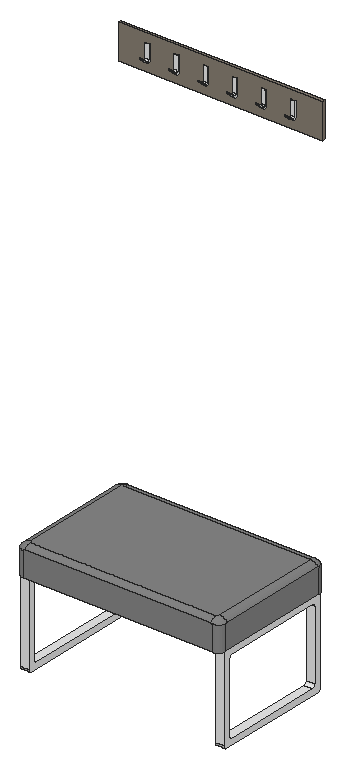
Revit family "Пуф и вешалки сверху", category Мебель, Revit 2019
Family settings
  Номер OmniClass = 23.40.20.00
  Заголовок OmniClass = General Furniture and Specialties
  На основе рабочей плоскости = Нет
  Всегда вертикально = Да
  При загрузке вырезать с полостями = Нет
  Общий = Нет
  Точка расчета площади = Нет
Parameters
  Материал ножки пуфа и крючки(на вешалке сверху) = Материал ножки пуфа и крючки(на вешалке сверху)
  Материал вешалки [instance] = Материал вешалки
  Ширина [instance] = 700 mm
  Материал пуф = Материал пуф
  Количество крючков на вешалке [instance] = (Ширина - 100 mm) / 100 mm  # 6
  Изготовитель = "Литвинчук Артур"
  Глубина [instance] = 450 mm
  Вешалка [instance] = yes
  Высота пуфа [instance] = 400 mm
  Высота до центра вешалки [instance] = 1750 mm
  URL = "lytvynchukartur@gmail.com"
Reference planes
  plane 1 "По центру (Вперед/Назад)": y = 0
  plane 2: z = 0
  plane 3 "По центру (Влево/Вправо)": x = 0
  plane 4: x = 700
  plane 5: y = -450
  plane 6 "По центру Л/Р": x = 30
  plane 7: x = 670
  plane 8 "верх пуфа": z = 400
  plane 9: z = 300
  plane 10: z = 20
  plane 11: y = -430
  plane 12 "По центру Л/С": y = -20
  plane 13: z = 280
  plane 14 "По центру Л/Т": y = -40
  plane 15: y = -410
  plane 16: z = 1750
  plane 17: z = 1690
  plane 18: z = 1810
  plane 19 "По центру Л/У": y = -10
Forms (mm)
  Extrusion 1, solid, material "Материал пуф" <- "Материал пуф"
    sketch origin (0, 0, 0) x (1, 0, 0) y (0, 1, 0)
      loop
        arc (25, 0) -> (7.322, -7.322) -> (0, -25) r 25
        line (0, -25) -> (0, -425)
        arc (0, -425) -> (7.322, -442.678) -> (25, -450) r 25
        line (25, -450) -> (675, -450)
        arc (675, -450) -> (692.678, -442.678) -> (700, -425) r 25
        line (700, -425) -> (700, -25)
        arc (700, -25) -> (692.678, -7.322) -> (675, 0) r 25
        line (675, 0) -> (25, 0)
    from 300 to 400
  Extrusion 2, solid, material "Материал ножки пуфа и крючки(на вешалке сверху)" <- "Материал ножки пуфа и крючки(на вешалке сверху)"
    sketch origin (0, 0, 0) x (0, 1, 0) y (0, 0, 1)
      loop
        line (-430, 300) -> (-430, 10)
        arc (-430, 10) -> (-427.071, 2.929) -> (-420, 0) r 10
        line (-420, 0) -> (-30, 0)
        arc (-30, 0) -> (-22.929, 2.929) -> (-20, 10) r 10
        line (-20, 10) -> (-20, 300) -> (-430, 300)
      loop
        arc (-400, 280) -> (-407.071, 277.071) -> (-410, 270) r 10
        line (-410, 270) -> (-410, 30)
        arc (-410, 30) -> (-407.071, 22.929) -> (-400, 20) r 10
        line (-400, 20) -> (-50, 20)
        arc (-50, 20) -> (-42.929, 22.929) -> (-40, 30) r 10
        line (-40, 30) -> (-40, 270)
        arc (-40, 270) -> (-42.929, 277.071) -> (-50, 280) r 10
        line (-50, 280) -> (-400, 280)
    from 0 to 30
  Extrusion 3, solid, material "Материал ножки пуфа и крючки(на вешалке сверху)" <- "Материал ножки пуфа и крючки(на вешалке сверху)"
    sketch origin (0, 0, 0) x (0, 1, 0) y (0, 0, 1)
      loop
        line (-430, 300) -> (-430, 10)
        arc (-430, 10) -> (-427.071, 2.929) -> (-420, 0) r 10
        line (-420, 0) -> (-30, 0)
        arc (-30, 0) -> (-22.929, 2.929) -> (-20, 10) r 10
        line (-20, 10) -> (-20, 300) -> (-430, 300)
      loop
        arc (-400, 280) -> (-407.071, 277.071) -> (-410, 270) r 10
        line (-410, 270) -> (-410, 30)
        arc (-410, 30) -> (-407.071, 22.929) -> (-400, 20) r 10
        line (-400, 20) -> (-50, 20)
        arc (-50, 20) -> (-42.929, 22.929) -> (-40, 30) r 10
        line (-40, 30) -> (-40, 270)
        arc (-40, 270) -> (-42.929, 277.071) -> (-50, 280) r 10
        line (-50, 280) -> (-400, 280)
    from 670 to 700
  Extrusion 4, solid, material "Материал вешалки" <- "Материал вешалки", visible <- "Вешалка"
    sketch origin (0, 0, 0) x (1, 0, 0) y (0, 0, 1)
      loop
        line (0, 1810) -> (0, 1690) -> (700, 1690) -> (700, 1810) -> (0, 1810)
    from 0 to 10
  Sweep 5, solid, material "Материал ножки пуфа и крючки(на вешалке сверху)" <- "Материал ножки пуфа и крючки(на вешалке сверху)", visible <- "Вешалка"
    path in 3D
      loop
        line (92.633, -34.905, 1742.905) -> (92.633, -17.812, 1725.812)
        arc (92.633, -17.812, 1725.812) -> (92.633, -13.676, 1726.198) -> (92.633, -12, 1730) r 4.1
        line (92.633, -12, 1730) -> (92.633, -12, 1740) -> (92.633, -12, 1780)
    profile origin (92.633, -12, 1760) x (0, 1, 0) y (-1, 0, 0)
      loop
        line (2, 0) -> (0, 0) -> (0, -14.735) -> (2, -14.735) -> (2, 0)
  Sweep 6, solid, material "Материал ножки пуфа и крючки(на вешалке сверху)" <- "Материал ножки пуфа и крючки(на вешалке сверху)", visible <- "Вешалка"
    path in 3D
      loop
        line (192.633, -34.905, 1742.905) -> (192.633, -17.812, 1725.812)
        arc (192.633, -17.812, 1725.812) -> (192.633, -13.676, 1726.198) -> (192.633, -12, 1730) r 4.1
        line (192.633, -12, 1730) -> (192.633, -12, 1740) -> (192.633, -12, 1780)
    profile origin (192.633, -12, 1760) x (0, 1, 0) y (-1, 0, 0)
      loop
        line (2, 0) -> (0, 0) -> (0, -14.735) -> (2, -14.735) -> (2, 0)
  Sweep 7, solid, material "Материал ножки пуфа и крючки(на вешалке сверху)" <- "Материал ножки пуфа и крючки(на вешалке сверху)", visible <- "Вешалка"
    path in 3D
      loop
        line (292.633, -34.905, 1742.905) -> (292.633, -17.812, 1725.812)
        arc (292.633, -17.812, 1725.812) -> (292.633, -13.676, 1726.198) -> (292.633, -12, 1730) r 4.1
        line (292.633, -12, 1730) -> (292.633, -12, 1740) -> (292.633, -12, 1780)
    profile origin (292.633, -12, 1760) x (0, 1, 0) y (-1, 0, 0)
      loop
        line (2, 0) -> (0, 0) -> (0, -14.735) -> (2, -14.735) -> (2, 0)
  Sweep 8, solid, material "Материал ножки пуфа и крючки(на вешалке сверху)" <- "Материал ножки пуфа и крючки(на вешалке сверху)", visible <- "Вешалка"
    path in 3D
      loop
        line (392.633, -34.905, 1742.905) -> (392.633, -17.812, 1725.812)
        arc (392.633, -17.812, 1725.812) -> (392.633, -13.676, 1726.198) -> (392.633, -12, 1730) r 4.1
        line (392.633, -12, 1730) -> (392.633, -12, 1740) -> (392.633, -12, 1780)
    profile origin (392.633, -12, 1760) x (0, 1, 0) y (-1, 0, 0)
      loop
        line (2, 0) -> (0, 0) -> (0, -14.735) -> (2, -14.735) -> (2, 0)
  Sweep 9, solid, material "Материал ножки пуфа и крючки(на вешалке сверху)" <- "Материал ножки пуфа и крючки(на вешалке сверху)", visible <- "Вешалка"
    path in 3D
      loop
        line (492.633, -34.905, 1742.905) -> (492.633, -17.812, 1725.812)
        arc (492.633, -17.812, 1725.812) -> (492.633, -13.676, 1726.198) -> (492.633, -12, 1730) r 4.1
        line (492.633, -12, 1730) -> (492.633, -12, 1740) -> (492.633, -12, 1780)
    profile origin (492.633, -12, 1760) x (0, 1, 0) y (-1, 0, 0)
      loop
        line (2, 0) -> (0, 0) -> (0, -14.735) -> (2, -14.735) -> (2, 0)
  Sweep 10, solid, material "Материал ножки пуфа и крючки(на вешалке сверху)" <- "Материал ножки пуфа и крючки(на вешалке сверху)", visible <- "Вешалка"
    path in 3D
      loop
        line (592.633, -34.905, 1742.905) -> (592.633, -17.812, 1725.812)
        arc (592.633, -17.812, 1725.812) -> (592.633, -13.676, 1726.198) -> (592.633, -12, 1730) r 4.1
        line (592.633, -12, 1730) -> (592.633, -12, 1740) -> (592.633, -12, 1780)
    profile origin (592.633, -12, 1760) x (0, 1, 0) y (-1, 0, 0)
      loop
        line (2, 0) -> (0, 0) -> (0, -14.735) -> (2, -14.735) -> (2, 0)
  Sweep 11, void
    path origin (25, -527.6, 400) x (0, -1, 0) y (1, 0, 0)
      loop
        arc (-107.565, 0) -> (-104.029, 1.464) -> (-102.565, 5) r 5
        line (-102.565, 5) -> (-102.565, 645)
        arc (-102.565, 645) -> (-104.029, 648.536) -> (-107.565, 650) r 5
        line (-107.565, 650) -> (-497.565, 650)
        arc (-497.565, 650) -> (-501.1, 648.536) -> (-502.565, 645) r 5
        line (-502.565, 645) -> (-502.565, 5)
        arc (-502.565, 5) -> (-501.1, 1.464) -> (-497.565, 0) r 5
        line (-497.565, 0) -> (-107.565, 0)
    profile origin (25, -225.035, 400) x (-1, 0, 0) y (0, 0, 1)
      loop
        line (30, 0) -> (0, 0)
        arc (0, 0) -> (21.213, -8.787) -> (30, -30) r 30
        line (30, -30) -> (30, 0)
Cuts and joins
  Sweep 11 cuts Extrusion 1
Lines and regions (mm)
  sketch lines
    curve 1: line (92.633, -12, 1740) -> (92.633, -12, 1780)
    curve 2: line (92.633, -12, 1730) -> (92.633, -12, 1740)
    curve 3: arc (92.633, -12, 1730) -> (92.633, -13.676, 1726.198) -> (92.633, -17.812, 1725.812) r 4.1
    curve 4: line (92.633, -34.905, 1742.905) -> (92.633, -17.812, 1725.812)
    curve 5: line (192.633, -12, 1740) -> (192.633, -12, 1780)
    curve 6: line (192.633, -12, 1730) -> (192.633, -12, 1740)
    curve 7: arc (192.633, -12, 1730) -> (192.633, -13.676, 1726.198) -> (192.633, -17.812, 1725.812) r 4.1
    curve 8: line (192.633, -34.905, 1742.905) -> (192.633, -17.812, 1725.812)
    curve 9: line (292.633, -12, 1740) -> (292.633, -12, 1780)
    curve 10: line (292.633, -12, 1730) -> (292.633, -12, 1740)
    curve 11: arc (292.633, -12, 1730) -> (292.633, -13.676, 1726.198) -> (292.633, -17.812, 1725.812) r 4.1
    curve 12: line (292.633, -34.905, 1742.905) -> (292.633, -17.812, 1725.812)
    curve 13: line (392.633, -12, 1740) -> (392.633, -12, 1780)
    curve 14: line (392.633, -12, 1730) -> (392.633, -12, 1740)
    curve 15: arc (392.633, -12, 1730) -> (392.633, -13.676, 1726.198) -> (392.633, -17.812, 1725.812) r 4.1
    curve 16: line (392.633, -34.905, 1742.905) -> (392.633, -17.812, 1725.812)
    curve 17: line (492.633, -12, 1740) -> (492.633, -12, 1780)
    curve 18: line (492.633, -12, 1730) -> (492.633, -12, 1740)
    curve 19: arc (492.633, -12, 1730) -> (492.633, -13.676, 1726.198) -> (492.633, -17.812, 1725.812) r 4.1
    curve 20: line (492.633, -34.905, 1742.905) -> (492.633, -17.812, 1725.812)
    curve 21: line (592.633, -12, 1740) -> (592.633, -12, 1780)
    curve 22: line (592.633, -12, 1730) -> (592.633, -12, 1740)
    curve 23: arc (592.633, -12, 1730) -> (592.633, -13.676, 1726.198) -> (592.633, -17.812, 1725.812) r 4.1
    curve 24: line (592.633, -34.905, 1742.905) -> (592.633, -17.812, 1725.812)
Dimensions and locks
  "Ширина": plane 3 "По центру (Влево/Вправо)" to plane 4
  "Глубина": plane 1 "По центру (Вперед/Назад)" to plane 5
  locked: plane 3 "По центру (Влево/Вправо)" to plane 6 "По центру Л/Р" at 30
  locked: plane 7 to plane 4 at 30
  plane 8 "верх пуфа" to plane 9 to plane 13 = 100 mm locked, 20 mm locked
  "Высота пуфа": plane 8 "верх пуфа" to level
  locked: plane 10 to plane 2 at 20
  plane 5 to plane 11 to plane 15 = 20 mm locked, 20 mm locked
  plane 14 "По центру Л/Т" to plane 12 "По центру Л/С" to plane 1 "По центру (Вперед/Назад)" = 20 mm locked, 20 mm locked
  "Высота до центра вешалки": plane 16 to plane 2
  locked: plane 1 "По центру (Вперед/Назад)" to plane 19 "По центру Л/У" at 10
  plane 18 to plane 16 to plane 17 = 60 mm locked, 60 mm locked
  equal spacing: group 1, group 2, group 3, group 4, group 5, group 6  (x3)
  locked: Sweep 5 to plane 16 at 30
  locked: Sweep 6 to plane 16 at 30
  locked: Sweep 5 to plane 3 "По центру (Влево/Вправо)" at 92.633
  locked: Sweep 6 to Sweep 5 at 100
  aligned and locked: level to plane 2
  aligned and locked: plane 3 "По центру (Влево/Вправо)" to Extrusion 1 sketch curve
  aligned and locked: plane 1 "По центру (Вперед/Назад)" to Extrusion 1 sketch curve
  aligned and locked: Extrusion 1 sketch curve to plane 4
  aligned and locked: plane 5 to Extrusion 1 sketch curve
  aligned and locked: plane 8 "верх пуфа" to Extrusion 1
  aligned and locked: Extrusion 1 to plane 9
  aligned and locked: plane 15 to Extrusion 2 sketch curve
  aligned and locked: Extrusion 2 sketch curve to plane 13
  aligned and locked: plane 14 "По центру Л/Т" to Extrusion 2 sketch curve
  aligned and locked: plane 10 to Extrusion 2 sketch curve
  aligned and locked: plane 11 to Extrusion 2 sketch curve
  aligned and locked: Extrusion 2 sketch curve to plane 9
  aligned and locked: plane 12 "По центру Л/С" to Extrusion 2 sketch curve
  aligned and locked: level to Extrusion 2 sketch curve
  aligned and locked: Extrusion 2 to plane 3 "По центру (Влево/Вправо)"
  aligned and locked: plane 6 "По центру Л/Р" to Extrusion 2
  aligned and locked: plane 4 to Extrusion 3
  aligned and locked: Extrusion 3 to plane 7
  aligned and locked: Extrusion 3 to plane 13
  aligned and locked: plane 9 to Extrusion 3
  aligned and locked: plane 10 to Extrusion 3
  aligned and locked: Extrusion 3 to plane 2
  aligned and locked: Extrusion 3 to plane 12 "По центру Л/С"
  aligned and locked: plane 14 "По центру Л/Т" to Extrusion 3
  aligned and locked: Extrusion 3 to plane 11
  aligned and locked: plane 15 to Extrusion 3
  aligned and locked: plane 3 "По центру (Влево/Вправо)" to Extrusion 4 sketch curve
  aligned and locked: Extrusion 4 sketch curve to plane 4
  aligned and locked: plane 17 to Extrusion 4 sketch curve
  aligned and locked: Extrusion 4 sketch curve to plane 18
  aligned and locked: Extrusion 4 to plane 1 "По центру (Вперед/Назад)"
  aligned and locked: plane 19 "По центру Л/У" to Extrusion 4
Automatic sketch dimensions
  profile plane to Sweep 5 sketch curve = 0 mm
  Sweep 5 sketch curve to profile plane = 0 mm
  Sweep 5 sketch curve to profile plane = 2 mm
  Sweep 5 sketch curve to profile plane = 14.735 mm
  profile plane to Sweep 6 sketch curve = 0 mm
  Sweep 6 sketch curve to profile plane = 0 mm
  Sweep 6 sketch curve to profile plane = 2 mm
  Sweep 6 sketch curve to profile plane = 14.735 mm
  profile plane to Sweep 7 sketch curve = 0 mm
  Sweep 7 sketch curve to profile plane = 0 mm
  Sweep 7 sketch curve to profile plane = 2 mm
  Sweep 7 sketch curve to profile plane = 14.735 mm
  profile plane to Sweep 8 sketch curve = 0 mm
  Sweep 8 sketch curve to profile plane = 0 mm
  Sweep 8 sketch curve to profile plane = 2 mm
  Sweep 8 sketch curve to profile plane = 14.735 mm
  profile plane to Sweep 9 sketch curve = 0 mm
  Sweep 9 sketch curve to profile plane = 0 mm
  Sweep 9 sketch curve to profile plane = 2 mm
  Sweep 9 sketch curve to profile plane = 14.735 mm
  profile plane to Sweep 10 sketch curve = 0 mm
  Sweep 10 sketch curve to profile plane = 0 mm
  Sweep 10 sketch curve to profile plane = 2 mm
  Sweep 10 sketch curve to profile plane = 14.735 mm
  Extrusion 1 sketch curve to plane 6 "По центру Л/Р" = 5 mm  (x2)
  plane 7 to Extrusion 1 sketch curve = 5 mm  (x2)
  plane 11 to Extrusion 2 sketch curve = 10 mm
  plane 15 to Extrusion 2 sketch curve = 10 mm  (x2)
  plane 14 "По центру Л/Т" to Extrusion 2 sketch curve = 10 mm
  Extrusion 2 sketch curve to plane 13 = 10 mm
  level to Extrusion 2 sketch curve = 10 mm
  Extrusion 3 sketch curve to plane 9 = 0 mm
  Extrusion 3 sketch curve to plane 11 = 0 mm
  Extrusion 3 sketch curve to level = 0 mm
  Extrusion 3 sketch curve to plane 15 = 0 mm
  Extrusion 3 sketch curve to plane 13 = 0 mm
  Extrusion 3 sketch curve to plane 10 = 0 mm
  Extrusion 3 sketch curve to plane 14 "По центру Л/Т" = 0 mm
  Extrusion 3 sketch curve to plane 12 "По центру Л/С" = 0 mm
  plane 11 to Extrusion 3 sketch curve = 10 mm
  plane 15 to Extrusion 3 sketch curve = 10 mm  (x2)
  plane 14 "По центру Л/Т" to Extrusion 3 sketch curve = 10 mm
  Extrusion 3 sketch curve to plane 13 = 10 mm
  level to Extrusion 3 sketch curve = 10 mm
  Sweep 11 sketch curve to plane 7 = 0 mm  (x2)
  Sweep 11 sketch curve to plane 6 "По центру Л/Р" = 0 mm  (x2)
  plane 12 "По центру Л/С" to Sweep 11 sketch curve = 5.035 mm
  Sweep 11 sketch curve to plane 6 "По центру Л/Р" = 5 mm
  Sweep 11 sketch curve to Sweep 11 sketch curve = 5 mm
  plane 11 to Sweep 11 sketch curve = 9.965 mm
  Sweep 11 sketch curve to plane 8 "верх пуфа" = 0 mm
  Sweep 11 sketch curve to profile plane = 0 mm
  Sweep 11 sketch curve to plane 8 "верх пуфа" = 30 mm
